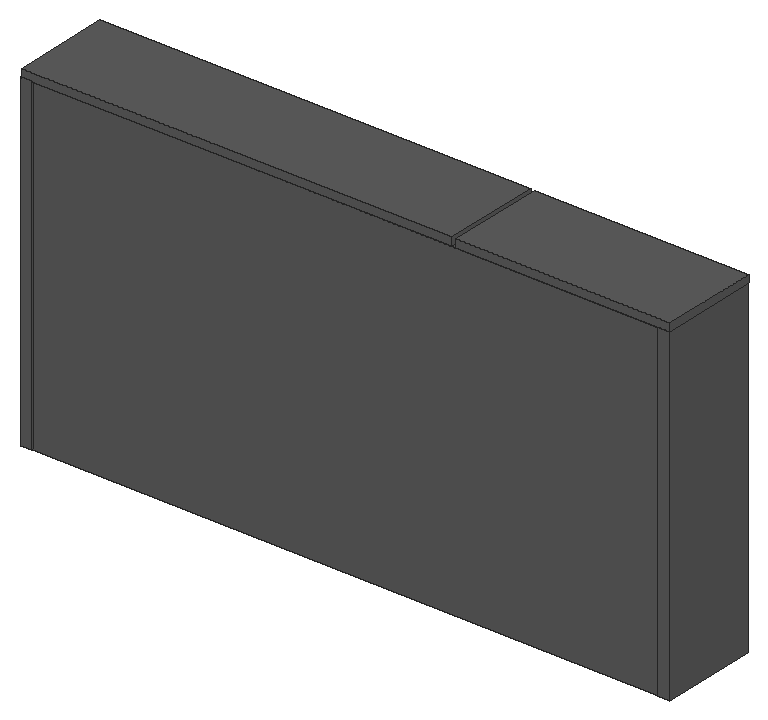
Revit family "SideUnit-90cm-WithDrawer-Left-Vitra-OriginSeries-65701+65702+65703", category Furniture Systems, host Face, Revit 2017
Family settings
  Host = Face
  Round Connector Dimension = Use Diameter
  Part Type = Normal
  OmniClass Number = 23.40.00.00
  OmniClass Title = Equipment and Furnishings
  Cut with Voids When Loaded = No
  Shared = Yes
  Room Calculation Point = No
Parameters (values of type "SideUnit-90cm-Vitra-OriginSeries-65701")
  Youtube = "https://www.youtube.com/user/VitrAglobal"
  Weight Net (kg) = ""
  Warranty Period (Year) = "2"
  Uniformat II Description = "FURNISHINGS"
  Uniformat II Code = "E20"
  Uniclass 2015 Name = "Wash basins, sinks and troughs"
  Uniclass 2015 Code = "Pr_40_20_93"
  Uniclass 2.0 Description = "Bathroom Cabinets"
  Uniclass 2.0 Code = "PR-35-75-08"
  Uniclass 1.4 Description = "Bathroom Cabinets"
  Uniclass 1.4 Code = "L8241"
  URL = "https://vitraglobal.com/"
  UNSPSC Description = "Bathroom Cabinets"
  UNSPSC Code = ""
  Technical description = "https://www.vitraglobal.com/pdf/65701/"
  Tap hole Options (default) = ""
  Specification = ""
  Region South America = "All"
  Region Oceania = "All"
  Region North America = "All"
  Region Middle East = "All"
  Region Europe = "All"
  Region Asia = "All"
  Region Antarctica = "All"
  Region Africa = "All"
  Product url = "https://www.vitraglobal.com/bathroom-furniture/counters/storage-tables/origin-side-unit-with-drawer-sku-65701/"
  Product manual = ""
  Product group = "Origin side unit with drawer"
  Product family = "Origin"
  Product data url = "https://www.bimobject.com/vitra-bathrooms/product/65701-65702-65703"
  Product certification = "https://www.vitraglobal.com/brochures/"
  Product SKU = "65701"
  Product Guid = "https://www.vitraglobal.com/uyeIslem/fileDownload.aspx?udkEnc=CEkvlNXA9FvpaORJsH81d53OstXDSeLrzT1g0TVxIdeG+Dvxlt8Ca67efKlcAgIDg90NtXekcs4kMD8ykCgNqw==&lang=en-US"
  Primary Material = PatternedBlackOak
  OmniClass Description = "Bathroom Cabinets"
  OmniClass Code = "23-31 25 13"
  Nominal Width (mm) = 900 mm
  Nominal Height (mm) = 150 mm
  Nominal Depth (mm) = 470 mm
  NBS Referans Description = "Bathroom Cabinets"
  NBS Referans Code = "35-75-08"
  Mounting type = "Wall Mounted"
  Model = "65701"
  Masterformat 2014 Description = "Bathroom Unit Modules"
  Masterformat 2014 Code = "13 42 13"
  Manufacturer name = "Vitra"
  Manufacturer = "Vitra"
  Main Material = "Wood"
  Installation instructions = "https://www.vitraglobal.com/uyeIslem/fileDownload.aspx?udkEnc=upmNkmj4LE4mEVMqtcSemmwEVsjd+cyR3dT/Fq0gE/hVhD7p/Ypx0eBZ+uW+HzdA+DbTNWs2rwrwiquJixLG8Q==&lang=en-US"
  IFC Classification = "Furniture"
  EAN code = ""
  Design country = "Turkey"
  Description = "Origin side unit with drawer - 90cm - patterned black oak - left"
  Default Elevation = 660 mm
  Color = "Patterned Black Oak"
  COBIe Type Category = ""
  Brand = "VitrA"
  BIMobject category = "Bathroom compound units"
  Article No. (default) = "65701"
  Accessories (default) = ""
Types (4, lengths in mm): name | Technical description | Product url | Product data url | Product SKU | Primary Material | Model | Description | Color | Article No. (default)
  (no name) | "https://www.vitraglobal.com/pdf/65701/" | "https://www.vitraglobal.com/bathroom-furniture/counters/storage-tables/origin-side-unit-with-drawer-sku-65701/" | "https://www.bimobject.com/vitra-bathrooms/product/65701-65702-65703" | "65701" | PatternedBlackOak | "65701" | "Origin side unit with drawer - 90cm - patterned black oak - left" | "Patterned Black Oak" | "65701"
  SideUnit-90cm-Vitra-OriginSeries-65701 | "https://www.vitraglobal.com/pdf/65701/" | "https://www.vitraglobal.com/bathroom-furniture/counters/storage-tables/origin-side-unit-with-drawer-sku-65701/" | "https://www.bimobject.com/vitra-bathrooms/product/65701-65702-65703" | "65701" | PatternedBlackOak | "65701" | "Origin side unit with drawer - 90cm - patterned black oak - left" | "Patterned Black Oak" | "65701"
  SideUnit-90cm-Vitra-OriginSeries-65702 | "https://www.vitraglobal.com/pdf/65702/" | "https://www.vitraglobal.com/bathroom-furniture/counters/storage-tables/origin-side-unit-with-drawer-sku-65702/" | "" | "65702" | Elm | "65702" | "Origin side unit with drawer - 90cm - Elm - left" | "Elm" | "65702"
  SideUnit-90cm-Vitra-OriginSeries-65703 | "https://www.vitraglobal.com/pdf/65703/" | "https://www.vitraglobal.com/bathroom-furniture/counters/storage-tables/origin-side-unit-with-drawer-sku-65703/" | "" | "65703" | Flat Oak | "65703" | "Origin side unit with drawer - 90cm - Flat Oak - left" | "Flat Oak" | "65703"
Reference planes
  plane 1 "Center (Front/Back)": y = 0
  plane 2: z = 0
  plane 3 "Center (Left/Right)": x = -8.77
  plane 4: y = 58
  plane 5: y = -92
  plane 6: x = 464.876
  plane 7: x = -435.124
  plane 8: z = 470
Forms (mm)
  Extrusion 1, solid, material "PatternedBlackOak" <- "Primary Material", detail levels medium+fine
    sketch origin (-135.124, -90.156, 477.187) x (0, 1, 0) y (-1, 0, 0)
      loop
        line (135, -298) -> (135, 298) -> (-1, 298) -> (-1, -298) -> (135, -298)
      loop
        line (135, -304) -> (-1, -304) -> (-1, -600) -> (135, -600) -> (135, -304)
    from -8.024 to -19.145
  Extrusion 2, solid, material "PatternedBlackOak" <- "Primary Material", detail levels medium+fine
    sketch origin (448.876, 43.844, 229.043) x (0, 0, -1) y (1, 0, 0)
      loop
        line (-229, 16) -> (-229, 0) -> (229, 0) -> (229, 16) -> (-229, 16)
      loop
        line (229, -868) -> (-229, -868) -> (-229, -884) -> (229, -884) -> (229, -868)
    from 0 to 135
  Extrusion 3, solid, material "PatternedBlackOak" <- "Primary Material", detail levels medium+fine
    sketch origin (-419.124, 42.844, 50.043) x (0, 0, 1) y (1, 0, 0)
      loop
        line (50, 868) -> (-50, 868) -> (-50, 0) -> (50, 0) -> (50, 868)
      loop
        line (307, 0) -> (407, 0) -> (407, 868) -> (307, 868) -> (307, 0)
    from 0 to -16
  Extrusion 4, solid, material "PatternedBlackOak" <- "Primary Material", detail levels medium+fine
    sketch origin (-419.124, -90.156, 228.543) x (0, 0, 1) y (1, 0, 0)
      loop
        line (-228.5, 0) -> (228.5, 0) -> (228.5, 868) -> (-228.5, 868) -> (-228.5, 0)
    from 0 to 16
  Extrusion 5, solid, detail levels coarse
    sketch origin (0, 0, 0) x (1, 0, 0) y (0, 1, 0)
      loop
        line (464.876, 55) -> (-435.124, 55) -> (-435.124, -91.156) -> (464.876, -91.156) -> (464.876, 55)
    from 0 to 469.163
  Extrusion 6, void
    sketch origin (0, 0, 0) x (1, 0, 0) y (0, 1, 0)
      loop
        line (464.876, 44.844) -> (-433.124, 44.844) -> (-433.124, -91.156) -> (464.876, -91.156) -> (464.876, 44.844)
    from 458.043 to 928.043
Dimensions and locks
  "Nominal Width (mm)": plane 7 to plane 6
  "Nominal Height (mm)": plane 4 to plane 5
  "Nominal Depth (mm)": plane 8 to host face
  aligned and locked: plane 2 to host face
  aligned and locked: level to host face
Automatic sketch dimensions
  host sketch curve to host sketch curve = 2438.4 mm  (x2)
  Extrusion 1 sketch curve to plane 6 = 0 mm
  plane 5 to Extrusion 1 sketch curve = 0.844 mm  (x2)
  Extrusion 1 sketch curve to plane 7 = 2 mm
  Extrusion 1 sketch curve to plane 4 = 13.156 mm  (x2)
  plane 3 "Center (Left/Right)" to Extrusion 1 sketch curve = 177.645 mm
  Extrusion 1 sketch curve to Extrusion 1 sketch curve = 6 mm
  plane 6 to Extrusion 2 sketch curve = 0 mm
  plane 7 to Extrusion 2 sketch curve = 0 mm
  level to Extrusion 2 sketch curve = 458.043 mm  (x2)
  Extrusion 2 sketch curve to plane 7 = 16 mm
  Extrusion 2 sketch curve to Extrusion 2 sketch curve = 458 mm  (x2)
  plane 6 to Extrusion 2 sketch curve = 16 mm
  Extrusion 3 sketch curve to plane 7 = 16 mm  (x2)
  level to Extrusion 3 sketch curve = 0.043 mm
  Extrusion 3 sketch curve to Extrusion 3 sketch curve = 100 mm
  level to Extrusion 3 sketch curve = 357.043 mm
  level to Extrusion 3 sketch curve = 457.043 mm
  plane 6 to Extrusion 3 sketch curve = 16 mm  (x2)
  plane 6 to Extrusion 4 sketch curve = 16 mm
  level to Extrusion 4 sketch curve = 0.043 mm
  level to Extrusion 4 sketch curve = 457.043 mm
  Extrusion 4 sketch curve to plane 7 = 16 mm
  Extrusion 5 sketch curve to plane 7 = 0 mm
  Extrusion 5 sketch curve to plane 6 = 0 mm
  plane 5 to Extrusion 5 sketch curve = 0.844 mm
  Extrusion 5 sketch curve to plane 4 = 3 mm
  Extrusion 6 sketch curve to plane 7 = 2 mm
  plane 5 to Extrusion 6 sketch curve = 0.844 mm
  plane 3 "Center (Left/Right)" to Extrusion 6 sketch curve = 473.645 mm
  Extrusion 6 sketch curve to plane 4 = 13.156 mm
